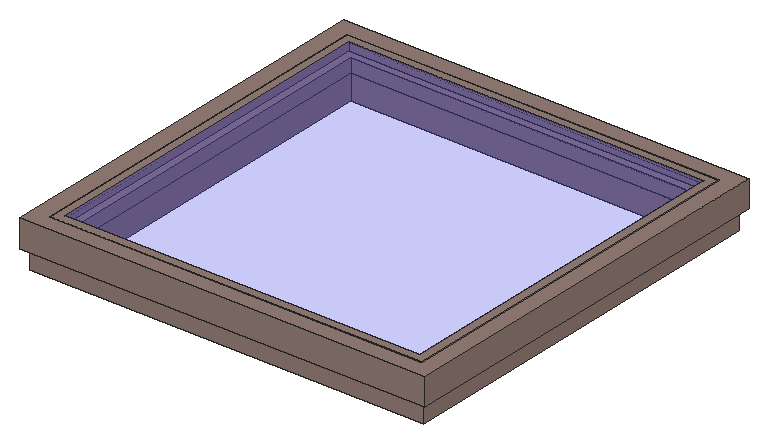
Revit family "6f61da50c2944e67bdbc51cbc0acd9f8", category Windows, host Roof, Revit 2019
Family settings
  Host = Roof
  OmniClass Number = 23.30.30.00
  OmniClass Title = Skylights
  Always vertical = No
  Cut with Voids When Loaded = No
  Shared = No
  Room Calculation Point = No
Parameters (values of type "36" x 36"")
  Width = 3' - 0"
  Visual Light Transmittance = 0.9
  Thermal Resistance (R) = 0.9899 (h·ft²·°F)/BTU
  Solar Heat Gain Coefficient = 0.86
  Rough Width = Width + 0' 0 1/2"  # 3' - 0 1/2"
  Rough Height = Height + 0' 0 1/2"  # 3' - 0 1/2"
  Height = 3' - 0"
  Heat Transfer Coefficient (U) = 1.0102 BTU/(h·ft²·°F)
  Glass Panel Material = Glass
  Frame Material = Metal - Bronze, Light Brush
  Fire Rating = "0.5h"
  Base Height = 0' - 3 1/4"
  Assembly Code = "B2020100"
  Analytic Construction = "Single-glazed windows - domestic"
Values of the unnamed type that differ from the named types
  Thermal Resistance (R) = 0.17433 m²·K/W
  Heat Transfer Coefficient (U) = 5.7362 W/(m²·K)
Reference planes (in)
  plane 1 "Center (Front/Back)": y = 0
  plane 2 "Roof": z = 144
  plane 3 "Center (Left/Right)": x = 0
  plane 4: x = -18
  plane 5: x = 18
  plane 6: y = 18
  plane 7: y = -18
  plane 8: y = 15.5
  plane 9: y = -15.5
  plane 10: x = -15.5
  plane 11: x = 15.5
  plane 12: x = -18.5
  plane 13: x = 18.5
  plane 14: y = 18.5
  plane 15: y = -18.5
  plane 16: z = 153.25
  plane 17: z = 154.25
  plane 18: y = 17
  plane 19: y = -17
  plane 20: x = -17
  plane 21: x = 17
  plane 22: z = 152.25
Forms (in)
  Sweep 1, solid, material "Metal - Bronze, Light Brush" <- "Frame Material"
    path origin (0, 0, 144) x (1, 0, 0) y (0, 1, 0)
      loop
        line (-18, 18) -> (-18, -18) -> (18, -18) -> (18, 18) -> (-18, 18)
    profile origin (0, 18, 144) x (0, 1, 0) y (0, 0, 1)
      loop
        line (0, 6) -> (0, 9.25) -> (-1, 9.25) -> (-1, 8.25) -> (-2.5, 8.25) -> (-2.5, 6) -> (0, 6)
  Sweep 2, solid, material "Metal - Bronze, Light Brush" <- "Frame Material"
    path origin (0, 0, 144) x (1, 0, 0) y (0, 1, 0)
      loop
        line (-18, 18) -> (-18, -18) -> (18, -18) -> (18, 18) -> (-18, 18)
    profile origin (0, 18, 144) x (0, 1, 0) y (0, 0, 1)
      loop
        line (-1, 9.25) -> (0, 9.25) -> (0, 7.75) -> (0.5, 7.75) -> (0.5, 10.25) -> (-1, 10.25) -> (-1, 9.25)
  Extrusion 3, solid, material "Glass" <- "Glass Panel Material"
    sketch origin (-9, -180, 154.25) x (-1, 0, 0) y (0, -1, 0)
      loop
        line (7.25, -196.25) -> (7.25, -163.75) -> (-25.25, -163.75) -> (-25.25, -196.25) -> (7.25, -196.25)
    from 0 to -0.21875
  Sweep 4, solid, material "Metal - Bronze, Light Brush" <- "Frame Material"
    path origin (-9, -180, 154.25) x (-1, 0, 0) y (0, -1, 0)
      loop
        line (8, -197) -> (8, -163) -> (-26, -163) -> (-26, -197) -> (8, -197)
    profile origin (0, 17, 154.25) x (0, 1, 0) y (0, 0, 1)
      loop
        line (0, 0) -> (-0.75, 0) -> (-0.75, -0.75) -> (-1.5, -0.75) -> (-1.5, -2) -> (0, -2) -> (0, 0)
Lines and regions (in)
  Opening 1
    outline origin (0, 0, 150) x (0, 1, 0) y (-1, 0, 0)
      loop
        line (15.5, 15.5) -> (-15.5, 15.5) -> (-15.5, -15.5) -> (15.5, -15.5) -> (15.5, 15.5)
  model lines, style "Elevation Swing"
    curve 1: line (0, 17, 154.25) -> (-17, 0, 154.25)
    curve 2: line (0, 17, 154.25) -> (17, 0, 154.25)
    curve 3: line (0, -17, 154.25) -> (-17, 0, 154.25)
    curve 4: line (0, -17, 154.25) -> (17, 0, 154.25)
Dimensions and locks (in)
  equal spacing: host sketch curve, plane 3 "Center (Left/Right)", host sketch curve
  equal spacing: host sketch curve, plane 1 "Center (Front/Back)", host sketch curve
  equal spacing: plane 6, plane 1 "Center (Front/Back)", plane 7
  equal spacing: plane 4, plane 3 "Center (Left/Right)", plane 5
  "Width": plane 4 to plane 5
  "Height": plane 6 to plane 7
  locked: plane 6 to plane 8 at 2.5
  locked: plane 9 to plane 7 at 2.5
  locked: plane 4 to plane 10 at 2.5
  locked: plane 11 to plane 5 at 2.5
  locked: plane 12 to plane 4 at 0.5
  locked: plane 5 to plane 13 at 0.5
  locked: plane 7 to plane 15 at 0.5
  "Base Height": host roof to plane 16
  locked: plane 17 to plane 16 at 1
  locked: Sweep 2 sketch curve to plane 16 at 1.5
  locked: plane 6 to plane 18 at 1
  locked: plane 19 to plane 7 at 1
  locked: plane 4 to plane 20 at 1
  locked: plane 21 to plane 5 at 1
  locked: plane 22 to plane 16 at 1
  locked: plane 14 to plane 6 at 0.5
  locked: plane 18 to Sweep 4 sketch curve at 0.75
  locked: plane 17 to Sweep 4 sketch curve at 0.75
  aligned and locked: plane 2 "Roof" to level
  aligned and locked: Opening 1 sketch curve to plane 8
  aligned and locked: plane 10 to Opening 1 sketch curve
  aligned and locked: plane 9 to Opening 1 sketch curve
  aligned and locked: Opening 1 sketch curve to plane 11
  aligned and locked: Sweep 1 sketch curve to plane 6  (x2)
  aligned and locked: plane 4 to Sweep 1 sketch curve
  aligned and locked: plane 7 to Sweep 1 sketch curve
  aligned and locked: Sweep 1 sketch curve to plane 5
  aligned and locked: host roof to Sweep 1 sketch curve
  aligned and locked: plane 16 to Sweep 1 sketch curve
  aligned and locked: Sweep 2 sketch curve to Sweep 1  (x4)
  aligned and locked: plane 17 to Sweep 2 sketch curve
  aligned and locked: plane 14 to Sweep 2 sketch curve
  aligned and locked: Sweep 2 sketch curve to plane 6
  aligned and locked: plane 16 to Sweep 2 sketch curve
  aligned and locked: plane 18 to Sweep 2 sketch curve
  aligned and locked: plane 8 to Sweep 1 sketch curve
  aligned and locked: Sweep 1 sketch curve to plane 18
  aligned and locked: Sweep 1 sketch curve to plane 22
  aligned and locked: Sweep 4 sketch curve to Sweep 1  (x4)
  aligned and locked: plane 18 to Sweep 4 sketch curve
  aligned and locked: Sweep 4 sketch curve to plane 17
  aligned and locked: plane 22 to Sweep 4 sketch curve
  aligned and locked: plane 8 to Sweep 4 sketch curve
  aligned and locked: Extrusion 3 to Sweep 4  (x4)
  aligned and locked: plane 1 "Center (Front/Back)" to curve 3
  aligned and locked: plane 1 "Center (Front/Back)" to curve 4
  aligned and locked: plane 3 "Center (Left/Right)" to curve 2
  aligned and locked: plane 18 to curve 2
  aligned and locked: plane 20 to curve 3
  aligned and locked: plane 21 to curve 4
  aligned and locked: plane 19 to curve 3
  aligned and locked: plane 19 to Sweep 4
  aligned and locked: plane 3 "Center (Left/Right)" to curve 3
Automatic sketch dimensions
  plane 18 to Extrusion 3 sketch curve = 0' - 0 3/4"
  plane 11 to Extrusion 3 sketch curve = 0' - 0 3/4"
  Extrusion 3 sketch curve to plane 19 = 0' - 0 3/4"
  plane 20 to Extrusion 3 sketch curve = 0' - 0 3/4"
